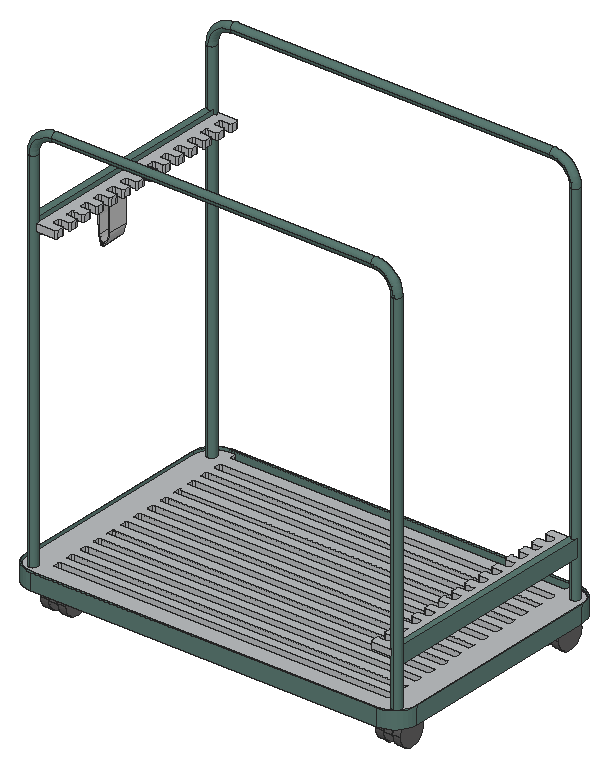
Revit family "okamura_MT30CA00_スプリント_ワゴン_ストックワゴン_700W×450D×790H", category 家具, Revit 2017
Family settings
  OmniClass 番号 = 23.40.20.00
  OmniClass タイトル = General Furniture and Specialties
  作業面に基づく = いいえ
  常に垂直 = はい
  ロード時にボイドで切り取り = いいえ
  共有 = いいえ
  部屋計算ポイント = いいえ
Parameters (values of type "ZH12（ダークグリーン）")
  製造元 = "株式会社オカムラ"
  製品名称 [instance] = "スプリント"  # constant formula
  製品仕様 [instance] = "ストックワゴン"  # constant formula
  製品コード/色仕様 = "MT30CA"  # constant formula
  製品コード [instance] = "MT30CA"  # constant formula
  製品カテゴリ = "クリエイティブファニチュア"  # constant formula
  色仕様名称 [instance] = "ダークグリーン"
  色仕様コード [instance] = "ZH12"
  本体 = okm_ZH12
  導入日 [instance] = ""
  区分 = "ワゴン"  # constant formula
  共通仕様 = ""
  備考 = ""
  シリアルNo [instance] = ""
  キーノート = "12490"
  キャスター = okm_G81
  アセンブリ コード = "E2020200"
  W = 700.0 mm
  URL = "http://www.okamura.co.jp/"
  Product_URL = ""
  ID [instance] = ""
  H = 790.0 mm
  D = 450.0 mm
  Copyright [instance] = "©2021.10 okamura Corp."  # constant formula
Reference planes
  plane 1 "中心(正面/背面)": y = 0
  plane 2: z = 0
  plane 3 "中心(左/右)": x = 0
  plane 4 "左": x = -350
  plane 5 "右": x = 350
  plane 6 "背面": y = 225
  plane 7 "正面": y = -225
  plane 8 "上": z = 790
Forms (mm)
  Extrusion 1, solid, material "okm_ZH12" <- "本体"
    sketch origin (0, 0, 0) x (1, 0, 0) y (0, 1, 0)
      loop
        arc (-310, 225) -> (-338.284, 213.284) -> (-350, 185) r 40
        line (-350, 185) -> (-350, -185)
        arc (-350, -185) -> (-338.284, -213.284) -> (-310, -225) r 40
        line (-310, -225) -> (310, -225)
        arc (310, -225) -> (338.284, -213.284) -> (350, -185) r 40
        line (350, -185) -> (350, 185)
        arc (350, 185) -> (338.284, 213.284) -> (310, 225) r 40
        line (310, 225) -> (-310, 225)
      loop
        line (310.4, 223.4) -> (-310.4, 223.4)
        arc (-310.4, 223.4) -> (-337.27, 212.27) -> (-348.4, 185.4) r 38
        line (-348.4, 185.4) -> (-348.4, -185.4)
        arc (-348.4, -185.4) -> (-337.27, -212.27) -> (-310.4, -223.4) r 38
        line (-310.4, -223.4) -> (310.4, -223.4)
        arc (310.4, -223.4) -> (337.27, -212.27) -> (348.4, -185.4) r 38
        line (348.4, -185.4) -> (348.4, 185.4)
        arc (348.4, 185.4) -> (337.27, 212.27) -> (310.4, 223.4) r 38
    from 55.5 to 85.5
  Extrusion 2, solid, material "okm_GLC"
    sketch origin (-3.95, 0, -519.233) x (1, 0, 0) y (0, 0, 1)
      loop
        arc (-350.357, 1041.938) -> (-349.076, 1034.571) -> (-346.76, 1027.461) r 52.496
        arc (-346.76, 1027.461) -> (-343.752, 1025.028) -> (-340.091, 1026.281) r 4
        arc (-340.091, 1026.281) -> (-332.986, 1037.329) -> (-329.844, 1050.084) r 40
        arc (-329.844, 1050.084) -> (-328.434, 1086.867) -> (-329.844, 1123.65) r 480.463
        arc (-329.844, 1123.65) -> (-329.897, 1129.812) -> (-329.115, 1135.925) r 45.375
        line (-329.115, 1135.925) -> (-328.05, 1139.9) -> (-328.05, 1144.233)
        arc (-328.05, 1144.233) -> (-330.026, 1143.538) -> (-331.642, 1142.206) r 6
        arc (-331.642, 1142.206) -> (-337.125, 1134.372) -> (-341.016, 1125.636) r 50
        arc (-341.016, 1125.636) -> (-350.142, 1084.284) -> (-350.357, 1041.938) r 200
      loop
        arc (-329.729, 1141.362) -> (-335.236, 1133.647) -> (-339.12, 1125.001) r 48
        arc (-339.12, 1125.001) -> (-348.155, 1084.063) -> (-348.368, 1042.14) r 198
        arc (-348.368, 1042.14) -> (-347.135, 1035.053) -> (-344.907, 1028.214) r 50.496
        arc (-344.907, 1028.214) -> (-343.403, 1026.998) -> (-341.573, 1027.624) r 2
        arc (-341.573, 1027.624) -> (-334.823, 1038.12) -> (-331.838, 1050.237) r 38
        arc (-331.838, 1050.237) -> (-330.434, 1086.867) -> (-331.838, 1123.497) r 478.463
        arc (-331.838, 1123.497) -> (-331.892, 1129.964) -> (-331.064, 1136.379) r 47.375
        line (-331.064, 1136.379) -> (-329.729, 1141.362)
    from 17.5 to -17.5
  Extrusion 3, solid, material "okm_G81" <- "キャスター"
    sketch origin (0, 0, 0) x (0, 1, 0) y (0, 0, 1)
      loop
        circle (-162, 25) r 25
      loop
        circle (192, 25) r 25
    from -291.25 to -277.25
  Extrusion 4, solid, material "okm_G81" <- "キャスター"
    sketch origin (0, 0, 0) x (0, 1, 0) y (0, 0, -1)
      loop
        circle (-162, -25) r 25
      loop
        circle (192, -25) r 25
    from 308.75 to 322.75
  Sweep 5, solid, material "okm_ZH12" <- "本体"
    path origin (0, -50, 0) x (1, 0, 0) y (0, 0, -1)
      loop
        line (326, -81.5) -> (326, -742.05)
        arc (326, -742.05) -> (314.284, -770.334) -> (286, -782.05) r 40
        line (286, -782.05) -> (-286, -782.05)
        arc (-286, -782.05) -> (-314.284, -770.334) -> (-326, -742.05) r 40
        line (-326, -742.05) -> (-326, -81.5)
    profile origin (-326, -50, 411.775) x (0, 1, 0) y (-1, 0, 0)
      loop
        circle (-150, 0) r 7.95
      loop
        circle (250, 0) r 7.95
  Extrusion 6, solid, material "okm_F4J"
    sketch origin (0, 0, 140) x (0, -1, 0) y (1, 0, 0)
      loop
        arc (-222.9, -309.9) -> (-211.77, -336.77) -> (-184.9, -347.9) r 38
        line (-184.9, -347.9) -> (184.9, -347.9)
        arc (184.9, -347.9) -> (211.77, -336.77) -> (222.9, -309.9) r 38
        line (222.9, -309.9) -> (222.9, 309.9)
        arc (222.9, 309.9) -> (211.77, 336.77) -> (184.9, 347.9) r 38
        line (184.9, 347.9) -> (-184.9, 347.9)
        arc (-184.9, 347.9) -> (-211.77, 336.77) -> (-222.9, 309.9) r 38
        line (-222.9, 309.9) -> (-222.9, 303.5)
        arc (-222.9, 303.5) -> (-222.021, 301.379) -> (-219.9, 300.5) r 3
        line (-219.9, 300.5) -> (-211.9, 300.5)
        arc (-211.9, 300.5) -> (-209.779, 299.621) -> (-208.9, 297.5) r 3
        line (-208.9, 297.5) -> (-208.9, -297.5)
        arc (-208.9, -297.5) -> (-209.779, -299.621) -> (-211.9, -300.5) r 3
        line (-211.9, -300.5) -> (-219.9, -300.5)
        arc (-219.9, -300.5) -> (-222.021, -301.379) -> (-222.9, -303.5) r 3
        line (-222.9, -303.5) -> (-222.9, -309.9)
      loop
        line (7, -298) -> (6.962, 298)
        arc (6.962, 298) -> (6.083, 300.121) -> (3.962, 301) r 3
        line (3.962, 301) -> (-4.036, 301)
        arc (-4.036, 301) -> (-6.158, 300.121) -> (-7.036, 298) r 3
        line (-7.036, 298) -> (-6.998, -298)
        arc (-6.998, -298) -> (-6.119, -300.122) -> (-3.998, -301) r 3
        line (-3.998, -301) -> (4, -301)
        arc (4, -301) -> (6.121, -300.121) -> (7, -298) r 3
      loop
        line (-97.036, 298) -> (-96.998, -298)
        arc (-96.998, -298) -> (-96.119, -300.122) -> (-93.998, -301) r 3
        line (-93.998, -301) -> (-86, -301)
        arc (-86, -301) -> (-83.879, -300.121) -> (-83, -298) r 3
        line (-83, -298) -> (-83.038, 298)
        arc (-83.038, 298) -> (-83.917, 300.121) -> (-86.038, 301) r 3
        line (-86.038, 301) -> (-94.036, 301)
        arc (-94.036, 301) -> (-96.158, 300.121) -> (-97.036, 298) r 3
      loop
        line (-113, -298) -> (-113.038, 298)
        arc (-113.038, 298) -> (-113.917, 300.121) -> (-116.038, 301) r 3
        line (-116.038, 301) -> (-124.036, 301)
        arc (-124.036, 301) -> (-126.158, 300.121) -> (-127.036, 298) r 3
        line (-127.036, 298) -> (-126.998, -298)
        arc (-126.998, -298) -> (-126.119, -300.122) -> (-123.998, -301) r 3
        line (-123.998, -301) -> (-116, -301)
        arc (-116, -301) -> (-113.879, -300.121) -> (-113, -298) r 3
      loop
        line (-143, -298) -> (-143.038, 298)
        arc (-143.038, 298) -> (-143.917, 300.121) -> (-146.038, 301) r 3
        line (-146.038, 301) -> (-154.036, 301)
        arc (-154.036, 301) -> (-156.158, 300.121) -> (-157.036, 298) r 3
        line (-157.036, 298) -> (-156.998, -298)
        arc (-156.998, -298) -> (-156.119, -300.122) -> (-153.998, -301) r 3
        line (-153.998, -301) -> (-146, -301)
        arc (-146, -301) -> (-143.879, -300.121) -> (-143, -298) r 3
      loop
        line (-173, -298) -> (-173.038, 298)
        arc (-173.038, 298) -> (-173.917, 300.121) -> (-176.038, 301) r 3
        line (-176.038, 301) -> (-184.036, 301)
        arc (-184.036, 301) -> (-186.158, 300.121) -> (-187.036, 298) r 3
        line (-187.036, 298) -> (-186.998, -298)
        arc (-186.998, -298) -> (-186.119, -300.122) -> (-183.998, -301) r 3
        line (-183.998, -301) -> (-176, -301)
        arc (-176, -301) -> (-173.879, -300.121) -> (-173, -298) r 3
      loop
        arc (-67, -298) -> (-66.121, -300.121) -> (-64, -301) r 3
        line (-64, -301) -> (-56.001, -301)
        arc (-56.001, -301) -> (-53.88, -300.122) -> (-53.001, -298) r 3
        line (-53.001, -298) -> (-52.963, 298)
        arc (-52.963, 298) -> (-53.841, 300.121) -> (-55.963, 301) r 3
        line (-55.963, 301) -> (-63.962, 301)
        arc (-63.962, 301) -> (-66.083, 300.121) -> (-66.962, 298) r 3
        line (-66.962, 298) -> (-67, -298)
      loop
        arc (-37, -298) -> (-36.121, -300.121) -> (-34, -301) r 3
        line (-34, -301) -> (-26.001, -301)
        arc (-26.001, -301) -> (-23.88, -300.122) -> (-23.001, -298) r 3
        line (-23.001, -298) -> (-22.963, 298)
        arc (-22.963, 298) -> (-23.841, 300.121) -> (-25.963, 301) r 3
        line (-25.963, 301) -> (-33.962, 301)
        arc (-33.962, 301) -> (-36.083, 300.121) -> (-36.962, 298) r 3
        line (-36.962, 298) -> (-37, -298)
      loop
        arc (97.036, 298) -> (96.158, 300.121) -> (94.036, 301) r 3
        line (94.036, 301) -> (86.038, 301)
        arc (86.038, 301) -> (83.917, 300.121) -> (83.038, 298) r 3
        line (83.038, 298) -> (83, -298)
        arc (83, -298) -> (83.879, -300.121) -> (86, -301) r 3
        line (86, -301) -> (93.998, -301)
        arc (93.998, -301) -> (96.119, -300.122) -> (96.998, -298) r 3
        line (96.998, -298) -> (97.036, 298)
      loop
        arc (113, -298) -> (113.879, -300.121) -> (116, -301) r 3
        line (116, -301) -> (123.998, -301)
        arc (123.998, -301) -> (126.119, -300.122) -> (126.998, -298) r 3
        line (126.998, -298) -> (127.036, 298)
        arc (127.036, 298) -> (126.158, 300.121) -> (124.036, 301) r 3
        line (124.036, 301) -> (116.038, 301)
        arc (116.038, 301) -> (113.917, 300.121) -> (113.038, 298) r 3
        line (113.038, 298) -> (113, -298)
      loop
        arc (143, -298) -> (143.879, -300.121) -> (146, -301) r 3
        line (146, -301) -> (153.998, -301)
        arc (153.998, -301) -> (156.119, -300.122) -> (156.998, -298) r 3
        line (156.998, -298) -> (157.036, 298)
        arc (157.036, 298) -> (156.158, 300.121) -> (154.036, 301) r 3
        line (154.036, 301) -> (146.038, 301)
        arc (146.038, 301) -> (143.917, 300.121) -> (143.038, 298) r 3
        line (143.038, 298) -> (143, -298)
      loop
        arc (173, -298) -> (173.879, -300.121) -> (176, -301) r 3
        line (176, -301) -> (183.998, -301)
        arc (183.998, -301) -> (186.119, -300.122) -> (186.998, -298) r 3
        line (186.998, -298) -> (187.036, 298)
        arc (187.036, 298) -> (186.158, 300.121) -> (184.036, 301) r 3
        line (184.036, 301) -> (176.038, 301)
        arc (176.038, 301) -> (173.917, 300.121) -> (173.038, 298) r 3
        line (173.038, 298) -> (173, -298)
      loop
        line (67, -298) -> (66.962, 298)
        arc (66.962, 298) -> (66.083, 300.121) -> (63.962, 301) r 3
        line (63.962, 301) -> (55.963, 301)
        arc (55.963, 301) -> (53.841, 300.121) -> (52.963, 298) r 3
        line (52.963, 298) -> (53.001, -298)
        arc (53.001, -298) -> (53.88, -300.122) -> (56.001, -301) r 3
        line (56.001, -301) -> (64, -301)
        arc (64, -301) -> (66.121, -300.121) -> (67, -298) r 3
      loop
        line (37, -298) -> (36.962, 298)
        arc (36.962, 298) -> (36.083, 300.121) -> (33.962, 301) r 3
        line (33.962, 301) -> (25.963, 301)
        arc (25.963, 301) -> (23.841, 300.121) -> (22.963, 298) r 3
        line (22.963, 298) -> (23.001, -298)
        arc (23.001, -298) -> (23.88, -300.122) -> (26.001, -301) r 3
        line (26.001, -301) -> (34, -301)
        arc (34, -301) -> (36.121, -300.121) -> (37, -298) r 3
    from -58.5 to -81.3
  Extrusion 7, solid, material "okm_ZH12" <- "本体"
    sketch origin (0, 0, 0) x (0, 1, 0) y (0, 0, 1)
      loop
        line (200, 150) -> (200, 180) -> (-200, 180) -> (-200, 150) -> (200, 150)
    from 320 to 332
  Extrusion 8, solid, material "okm_ZH12" <- "本体"
    sketch origin (0, 0, 0) x (0, 1, 0) y (0, 0, -1)
      loop
        line (200, -610) -> (-200, -610) -> (-200, -640) -> (200, -640) -> (200, -610)
    from 332 to 320
  Extrusion 9, solid, material "okm_G81" <- "キャスター"
    sketch origin (-582.5, 0, 0) x (0, 1, 0) y (0, 0, -1)
      loop
        line (-137, -24.972) -> (-187, -24.972)
        arc (-187, -24.972) -> (-162, -50) -> (-137, -24.972) r 25
      loop
        arc (167, -24.972) -> (192, -50) -> (217, -24.972) r 25
        line (217, -24.972) -> (167, -24.972)
    from -289.5 to -275.5
  Extrusion 10, solid, material "okm_G81" <- "キャスター"
    sketch origin (0, 0, 0) x (1, 0, 0) y (0, 1, 0)
      loop
        circle (-300, 177) r 8
      loop
        circle (300, 177) r 8
      loop
        circle (-300, -177) r 8
      loop
        circle (300, -177) r 8
    from 34.5 to 55.5
  Extrusion 11, solid, material "okm_G81" <- "キャスター"
    sketch origin (0, 0, 0) x (0, 1, 0) y (0, 0, -1)
      loop
        circle (-162, -25) r 25
      loop
        circle (192, -25) r 25
    from -291.25 to -277.25
  Extrusion 12, solid, material "okm_G81" <- "キャスター"
    sketch origin (0, 0, 0) x (0, 1, 0) y (0, 0, 1)
      loop
        circle (-162, 25) r 25
      loop
        circle (192, 25) r 25
    from 308.75 to 322.75
  Extrusion 13, solid, material "okm_G81" <- "キャスター"
    sketch origin (582.5, 0, 0) x (0, 1, 0) y (0, 0, 1)
      loop
        arc (-137, 24.972) -> (-162, 50) -> (-187, 24.972) r 25
        line (-187, 24.972) -> (-137, 24.972)
      loop
        line (167, 24.972) -> (217, 24.972)
        arc (217, 24.972) -> (192, 50) -> (167, 24.972) r 25
    from -289.5 to -275.5
  Extrusion 14, solid, material "okm_F4J"
    sketch origin (0, 0, 764.421) x (0, -1, 0) y (1, 0, 0)
      loop
        line (80.001, -281) -> (69.999, -281)
        arc (69.999, -281) -> (67.878, -281.879) -> (66.999, -284) r 3
        line (66.999, -284) -> (67, -298)
        arc (67, -298) -> (66.122, -300.121) -> (64, -301) r 3
        line (64, -301) -> (56.001, -301)
        arc (56.001, -301) -> (53.88, -300.121) -> (53.001, -298) r 3
        line (53.001, -298) -> (53, -284)
        arc (53, -284) -> (52.121, -281.879) -> (50, -281) r 3
        line (50, -281) -> (39.999, -281)
        arc (39.999, -281) -> (37.878, -281.879) -> (36.999, -284) r 3
        line (36.999, -284) -> (37, -298)
        arc (37, -298) -> (36.122, -300.121) -> (34, -301) r 3
        line (34, -301) -> (26.001, -301)
        arc (26.001, -301) -> (23.88, -300.121) -> (23.001, -298) r 3
        line (23.001, -298) -> (23, -284)
        arc (23, -284) -> (22.121, -281.879) -> (20, -281) r 3
        line (20, -281) -> (9.999, -281)
        arc (9.999, -281) -> (7.878, -281.879) -> (6.999, -284) r 3
        line (6.999, -284) -> (7, -298)
        arc (7, -298) -> (6.122, -300.121) -> (4, -301) r 3
        line (4, -301) -> (-3.998, -301)
        arc (-3.998, -301) -> (-6.119, -300.121) -> (-6.998, -298) r 3
        line (-6.998, -298) -> (-6.999, -284)
        arc (-6.999, -284) -> (-7.878, -281.879) -> (-9.999, -281) r 3
        line (-9.999, -281) -> (-20.001, -281)
        arc (-20.001, -281) -> (-22.122, -281.879) -> (-23.001, -284) r 3
        line (-23.001, -284) -> (-23, -298)
        arc (-23, -298) -> (-23.878, -300.121) -> (-26, -301) r 3
        line (-26, -301) -> (-33.999, -301)
        arc (-33.999, -301) -> (-36.12, -300.121) -> (-36.999, -298) r 3
        line (-36.999, -298) -> (-37, -284)
        arc (-37, -284) -> (-37.879, -281.878) -> (-40, -281) r 3
        line (-40, -281) -> (-50, -281)
        arc (-50, -281) -> (-52.121, -281.878) -> (-53, -284) r 3
        line (-53, -284) -> (-53.001, -298)
        arc (-53.001, -298) -> (-53.88, -300.121) -> (-56.001, -301) r 3
        line (-56.001, -301) -> (-64, -301)
        arc (-64, -301) -> (-66.121, -300.121) -> (-67, -298) r 3
        line (-67, -298) -> (-66.999, -284)
        arc (-66.999, -284) -> (-67.878, -281.879) -> (-69.999, -281) r 3
        line (-69.999, -281) -> (-80.001, -281)
        arc (-80.001, -281) -> (-82.122, -281.878) -> (-83.001, -284) r 3
        line (-83.001, -284) -> (-83.002, -298)
        arc (-83.002, -298) -> (-83.88, -300.121) -> (-86.002, -301) r 3
        line (-86.002, -301) -> (-94, -301)
        arc (-94, -301) -> (-96.121, -300.121) -> (-97, -298) r 3
        line (-97, -298) -> (-96.999, -284)
        arc (-96.999, -284) -> (-97.878, -281.879) -> (-99.999, -281) r 3
        line (-99.999, -281) -> (-110, -281)
        arc (-110, -281) -> (-112.121, -281.878) -> (-113, -284) r 3
        line (-113, -284) -> (-113.001, -298)
        arc (-113.001, -298) -> (-113.88, -300.121) -> (-116.001, -301) r 3
        line (-116.001, -301) -> (-124, -301)
        arc (-124, -301) -> (-126.121, -300.121) -> (-127, -298) r 3
        line (-127, -298) -> (-126.999, -284)
        arc (-126.999, -284) -> (-127.878, -281.879) -> (-129.999, -281) r 3
        line (-129.999, -281) -> (-140, -281)
        arc (-140, -281) -> (-142.121, -281.878) -> (-143, -284) r 3
        line (-143, -284) -> (-143.001, -298)
        arc (-143.001, -298) -> (-143.88, -300.121) -> (-146.001, -301) r 3
        line (-146.001, -301) -> (-154, -301)
        arc (-154, -301) -> (-156.121, -300.121) -> (-157, -298) r 3
        line (-157, -298) -> (-156.999, -284)
        arc (-156.999, -284) -> (-157.878, -281.879) -> (-159.999, -281) r 3
        line (-159.999, -281) -> (-170.001, -281)
        arc (-170.001, -281) -> (-172.122, -281.879) -> (-173.001, -284) r 3
        line (-173.001, -284) -> (-173, -298)
        arc (-173, -298) -> (-173.878, -300.121) -> (-176, -301) r 3
        line (-176, -301) -> (-183.999, -301)
        arc (-183.999, -301) -> (-186.12, -300.121) -> (-186.999, -298) r 3
        line (-186.999, -298) -> (-187, -284)
        arc (-187, -284) -> (-187.879, -281.878) -> (-190, -281) r 3
        line (-190, -281) -> (-200.001, -281)
        arc (-200.001, -281) -> (-202.122, -281.879) -> (-203.001, -284) r 3
        line (-203.001, -284) -> (-202.998, -320) -> (203, -320) -> (203, -284)
        arc (203, -284) -> (202.121, -281.879) -> (200, -281) r 3
        line (200, -281) -> (190, -281)
        arc (190, -281) -> (187.879, -281.879) -> (187, -284) r 3
        line (187, -284) -> (186.999, -298)
        arc (186.999, -298) -> (186.12, -300.121) -> (183.999, -301) r 3
        line (183.999, -301) -> (176, -301)
        arc (176, -301) -> (173.879, -300.121) -> (173, -298) r 3
        line (173, -298) -> (173.001, -284)
        arc (173.001, -284) -> (172.122, -281.879) -> (170.001, -281) r 3
        line (170.001, -281) -> (160, -281)
        arc (160, -281) -> (157.879, -281.879) -> (157, -284) r 3
        line (157, -284) -> (156.999, -298)
        arc (156.999, -298) -> (156.12, -300.121) -> (153.999, -301) r 3
        line (153.999, -301) -> (146, -301)
        arc (146, -301) -> (143.879, -300.121) -> (143, -298) r 3
        line (143, -298) -> (143.001, -284)
        arc (143.001, -284) -> (142.122, -281.879) -> (140.001, -281) r 3
        line (140.001, -281) -> (130, -281)
        arc (130, -281) -> (127.879, -281.879) -> (127, -284) r 3
        line (127, -284) -> (126.999, -298)
        arc (126.999, -298) -> (126.12, -300.121) -> (123.999, -301) r 3
        line (123.999, -301) -> (116, -301)
        arc (116, -301) -> (113.879, -300.121) -> (113, -298) r 3
        line (113, -298) -> (113.001, -284)
        arc (113.001, -284) -> (112.122, -281.879) -> (110.001, -281) r 3
        line (110.001, -281) -> (100, -281)
        arc (100, -281) -> (97.879, -281.879) -> (97, -284) r 3
        line (97, -284) -> (96.999, -298)
        arc (96.999, -298) -> (96.12, -300.121) -> (93.999, -301) r 3
        line (93.999, -301) -> (86, -301)
        arc (86, -301) -> (83.879, -300.121) -> (83, -298) r 3
        line (83, -298) -> (83.001, -284)
        arc (83.001, -284) -> (82.122, -281.879) -> (80.001, -281) r 3
    from -131.421 to -143.421
  Extrusion 15, solid, material "okm_F4J"
    sketch origin (0, 0, 0) x (-1, 0, 0) y (0, -1, 0)
      loop
        arc (-281, 80.001) -> (-281.879, 82.122) -> (-284, 83.001) r 3
        line (-284, 83.001) -> (-298, 83)
        arc (-298, 83) -> (-300.121, 83.879) -> (-301, 86) r 3
        line (-301, 86) -> (-301, 94)
        arc (-301, 94) -> (-300.121, 96.121) -> (-298, 97) r 3
        line (-298, 97) -> (-284, 97.001)
        arc (-284, 97.001) -> (-281.879, 97.88) -> (-281, 100.001) r 3
        line (-281, 100.001) -> (-281, 110.001)
        arc (-281, 110.001) -> (-281.879, 112.122) -> (-284, 113.001) r 3
        line (-284, 113.001) -> (-298, 113)
        arc (-298, 113) -> (-300.121, 113.879) -> (-301, 116) r 3
        line (-301, 116) -> (-301, 124)
        arc (-301, 124) -> (-300.121, 126.121) -> (-298, 127) r 3
        line (-298, 127) -> (-284, 127.001)
        arc (-284, 127.001) -> (-281.879, 127.88) -> (-281, 130.001) r 3
        line (-281, 130.001) -> (-281, 140.001)
        arc (-281, 140.001) -> (-281.879, 142.122) -> (-284, 143.001) r 3
        line (-284, 143.001) -> (-298, 143)
        arc (-298, 143) -> (-300.121, 143.879) -> (-301, 146) r 3
        line (-301, 146) -> (-301, 154)
        arc (-301, 154) -> (-300.121, 156.121) -> (-298, 157) r 3
        line (-298, 157) -> (-284, 157.001)
        arc (-284, 157.001) -> (-281.879, 157.88) -> (-281, 160.001) r 3
        line (-281, 160.001) -> (-281, 170.001)
        arc (-281, 170.001) -> (-281.879, 172.122) -> (-284, 173.001) r 3
        line (-284, 173.001) -> (-298, 173)
        arc (-298, 173) -> (-300.121, 173.879) -> (-301, 176) r 3
        line (-301, 176) -> (-301, 184)
        arc (-301, 184) -> (-300.121, 186.121) -> (-298, 187) r 3
        line (-298, 187) -> (-284, 187.001)
        arc (-284, 187.001) -> (-281.879, 187.88) -> (-281, 190.001) r 3
        line (-281, 190.001) -> (-281, 200)
        arc (-281, 200) -> (-281.879, 202.121) -> (-284, 203) r 3
        line (-284, 203) -> (-320, 203) -> (-320, -202.997) -> (-284, -202.999)
        arc (-284, -202.999) -> (-281.879, -202.12) -> (-281, -199.999) r 3
        line (-281, -199.999) -> (-281, -190)
        arc (-281, -190) -> (-281.879, -187.879) -> (-284, -187) r 3
        line (-284, -187) -> (-298, -186.999)
        arc (-298, -186.999) -> (-300.121, -186.12) -> (-301, -183.999) r 3
        line (-301, -183.999) -> (-301, -175.999)
        arc (-301, -175.999) -> (-300.121, -173.878) -> (-298, -172.999) r 3
        line (-298, -172.999) -> (-284, -173)
        arc (-284, -173) -> (-281.879, -172.121) -> (-281, -170) r 3
        line (-281, -170) -> (-281, -159.999)
        arc (-281, -159.999) -> (-281.879, -157.878) -> (-284, -156.999) r 3
        line (-284, -156.999) -> (-298, -157)
        arc (-298, -157) -> (-300.121, -156.121) -> (-301, -154) r 3
        line (-301, -154) -> (-301, -146)
        arc (-301, -146) -> (-300.121, -143.879) -> (-298, -143) r 3
        line (-298, -143) -> (-284, -142.999)
        arc (-284, -142.999) -> (-281.879, -142.12) -> (-281, -139.999) r 3
        line (-281, -139.999) -> (-281, -129.999)
        arc (-281, -129.999) -> (-281.879, -127.878) -> (-284, -126.999) r 3
        line (-284, -126.999) -> (-298, -127)
        arc (-298, -127) -> (-300.121, -126.121) -> (-301, -124) r 3
        line (-301, -124) -> (-301, -116)
        arc (-301, -116) -> (-300.121, -113.879) -> (-298, -113) r 3
        line (-298, -113) -> (-284, -112.999)
        arc (-284, -112.999) -> (-281.879, -112.12) -> (-281, -109.999) r 3
        line (-281, -109.999) -> (-281, -99.999)
        arc (-281, -99.999) -> (-281.879, -97.878) -> (-284, -96.999) r 3
        line (-284, -96.999) -> (-298, -97)
        arc (-298, -97) -> (-300.121, -96.121) -> (-301, -94) r 3
        line (-301, -94) -> (-301, -86)
        arc (-301, -86) -> (-300.121, -83.879) -> (-298, -83) r 3
        line (-298, -83) -> (-284, -82.999)
        arc (-284, -82.999) -> (-281.879, -82.12) -> (-281, -79.999) r 3
        line (-281, -79.999) -> (-281, -69.999)
        arc (-281, -69.999) -> (-281.879, -67.878) -> (-284, -66.999) r 3
        line (-284, -66.999) -> (-298, -67)
        arc (-298, -67) -> (-300.121, -66.121) -> (-301, -64) r 3
        line (-301, -64) -> (-301, -56)
        arc (-301, -56) -> (-300.121, -53.879) -> (-298, -53) r 3
        line (-298, -53) -> (-284, -52.999)
        arc (-284, -52.999) -> (-281.879, -52.12) -> (-281, -49.999) r 3
        line (-281, -49.999) -> (-281, -40)
        arc (-281, -40) -> (-281.879, -37.879) -> (-284, -37) r 3
        line (-284, -37) -> (-298, -36.999)
        arc (-298, -36.999) -> (-300.121, -36.12) -> (-301, -33.999) r 3
        line (-301, -33.999) -> (-301, -25.999)
        arc (-301, -25.999) -> (-300.121, -23.878) -> (-298, -22.999) r 3
        line (-298, -22.999) -> (-284, -23)
        arc (-284, -23) -> (-281.879, -22.121) -> (-281, -20) r 3
        line (-281, -20) -> (-281, -10)
        arc (-281, -10) -> (-281.879, -7.879) -> (-284, -7) r 3
        line (-284, -7) -> (-298, -6.999)
        arc (-298, -6.999) -> (-300.121, -6.12) -> (-301, -3.999) r 3
        line (-301, -3.999) -> (-301, 4.001)
        arc (-301, 4.001) -> (-300.121, 6.122) -> (-298, 7.001) r 3
        line (-298, 7.001) -> (-284, 7)
        arc (-284, 7) -> (-281.879, 7.879) -> (-281, 10) r 3
        line (-281, 10) -> (-281, 20)
        arc (-281, 20) -> (-281.879, 22.121) -> (-284, 23) r 3
        line (-284, 23) -> (-298, 23.001)
        arc (-298, 23.001) -> (-300.121, 23.88) -> (-301, 26.001) r 3
        line (-301, 26.001) -> (-301, 34.001)
        arc (-301, 34.001) -> (-300.121, 36.122) -> (-298, 37.001) r 3
        line (-298, 37.001) -> (-284, 37)
        arc (-284, 37) -> (-281.879, 37.879) -> (-281, 40) r 3
        line (-281, 40) -> (-281, 50)
        arc (-281, 50) -> (-281.879, 52.121) -> (-284, 53) r 3
        line (-284, 53) -> (-298, 53.001)
        arc (-298, 53.001) -> (-300.121, 53.88) -> (-301, 56.001) r 3
        line (-301, 56.001) -> (-301, 64.001)
        arc (-301, 64.001) -> (-300.121, 66.122) -> (-298, 67.001) r 3
        line (-298, 67.001) -> (-284, 67)
        arc (-284, 67) -> (-281.879, 67.879) -> (-281, 70) r 3
        line (-281, 70) -> (-281, 80.001)
    from 161 to 173
  Extrusion 16, solid, material "okm_F4J"
    sketch origin (0, 0, -22.6) x (1, 0, 0) y (0, 1, 0)
      loop
        arc (-347.9, -184.9) -> (-336.77, -211.77) -> (-309.9, -222.9) r 38
        line (-309.9, -222.9) -> (309.9, -222.9)
        arc (309.9, -222.9) -> (336.77, -211.77) -> (347.9, -184.9) r 38
        line (347.9, -184.9) -> (347.9, 184.9)
        arc (347.9, 184.9) -> (336.77, 211.77) -> (309.9, 222.9) r 38
        line (309.9, 222.9) -> (-309.9, 222.9)
        arc (-309.9, 222.9) -> (-336.77, 211.77) -> (-347.9, 184.9) r 38
        line (-347.9, 184.9) -> (-347.9, -184.9)
    from 79.7 to 81.3
Cuts and joins
  joined: Extrusion 6, Extrusion 16
  joined: Extrusion 3, Extrusion 4, Extrusion 9, Extrusion 10, Extrusion 11, Extrusion 12, Extrusion 13
Lines and regions (mm)
  Masking region 1
    outline origin (0, 0, 0) x (1, 0, 0) y (0, 1, 0)
      loop
        line (310, 225) -> (-310, 225)
        arc (-310, 225) -> (-338.284, 213.284) -> (-350, 185) r 40
        line (-350, 185) -> (-350, -185)
        arc (-350, -185) -> (-338.284, -213.284) -> (-310, -225) r 40
        line (-310, -225) -> (310, -225)
        arc (310, -225) -> (338.284, -213.284) -> (350, -185) r 40
        line (350, -185) -> (350, 185)
        arc (350, 185) -> (338.284, 213.284) -> (310, 225) r 40
  symbolic lines, style "okm_簡略", detail levels coarse
    curve 1: line (310, 225, 0) -> (-310, 225, 0)
    curve 2: arc (-310, 225, 0) -> (-338.284, 213.284, 0) -> (-350, 185, 0) r 40
    curve 3: line (-350, 185, 0) -> (-350, -185, 0)
    curve 4: arc (350, 185, 0) -> (338.284, 213.284, 0) -> (310, 225, 0) r 40
    curve 31: line (310, -225, 0) -> (-310, -225, 0)
    curve 32: arc (-310, -225, 0) -> (-338.284, -213.284, 0) -> (-350, -185, 0) r 40
    curve 33: arc (350, -185, 0) -> (338.284, -213.284, 0) -> (310, -225, 0) r 40
    curve 37: line (350, 185, 0) -> (350, -185, 0)
    curve 51: line (-301, -83.002, 0) -> (301, -83.002, 0)
    curve 52: line (-301, -96.989, 0) -> (-301, -83.002, 0)
    curve 53: line (301, -96.989, 0) -> (-301, -96.989, 0)
    curve 54: line (301, -83.002, 0) -> (301, -96.989, 0)
    curve 55: line (301, -112.989, 0) -> (-301, -112.989, 0)
    curve 56: line (301, -127.002, 0) -> (301, -112.989, 0)
    curve 57: line (-301, -127.002, 0) -> (301, -127.002, 0)
    curve 58: line (-301, -112.989, 0) -> (-301, -127.002, 0)
    curve 59: line (-301, -143.002, 0) -> (301, -143.002, 0)
    curve 60: line (-301, -156.989, 0) -> (-301, -143.002, 0)
    curve 61: line (301, -156.989, 0) -> (-301, -156.989, 0)
    curve 62: line (301, -143.002, 0) -> (301, -156.989, 0)
    curve 63: line (301, -172.989, 0) -> (-301, -172.989, 0)
    curve 64: line (301, -187.002, 0) -> (301, -172.989, 0)
    curve 65: line (-301, -187.002, 0) -> (301, -187.002, 0)
    curve 66: line (-301, -172.989, 0) -> (-301, -187.002, 0)
    curve 67: line (-281, -66.998, 0) -> (-281, -83.002, 0)
    curve 68: line (-281, -96.989, 0) -> (-281, -112.989, 0)
    curve 69: line (-281, -127.002, 0) -> (-281, -143.002, 0)
    curve 70: line (-281, -156.989, 0) -> (-281, -172.989, 0)
    curve 71: line (-281, -187.002, 0) -> (-281, -192.05, 0)
    curve 72: line (281, -66.998, 0) -> (281, -83.002, 0)
    curve 73: line (281, -96.989, 0) -> (281, -112.989, 0)
    curve 74: line (281, -127.002, 0) -> (281, -143.002, 0)
    curve 75: line (281, -156.989, 0) -> (281, -172.989, 0)
    curve 76: line (281, -187.002, 0) -> (281, -192.05, 0)
    curve 77: line (326, -192.05, 0) -> (-326, -192.05, 0)
    curve 78: line (-326, -207.95, 0) -> (326, -207.95, 0)
    curve 79: line (320, 192.05, 0) -> (320, -192.05, 0)
    curve 80: line (332, -194.784, 0) -> (332, 194.784, 0)
    curve 81: line (-332, 194.784, 0) -> (-332, -194.784, 0)
    curve 82: line (-320, -192.05, 0) -> (-320, 192.05, 0)
    curve 83: arc (-326, -192.05, 0) -> (-333.95, -200, 0) -> (-326, -207.95, 0) r 7.95
    curve 84: arc (326, -192.05, 0) -> (333.95, -200, 0) -> (326, -207.95, 0) r 7.95
    curve 89: line (326, 192.05, 0) -> (-326, 192.05, 0)
    curve 90: line (-326, 207.95, 0) -> (326, 207.95, 0)
    curve 91: arc (-326, 192.05, 0) -> (-333.95, 200, 0) -> (-326, 207.95, 0) r 7.95
    curve 92: arc (326, 192.05, 0) -> (333.95, 200, 0) -> (326, 207.95, 0) r 7.95
    curve 115: line (-301, -66.998, 0) -> (301, -66.998, 0)
    curve 116: line (-301, -53.011, 0) -> (-301, -66.998, 0)
    curve 117: line (301, -53.011, 0) -> (-301, -53.011, 0)
    curve 118: line (301, -66.998, 0) -> (301, -53.011, 0)
    curve 119: line (301, -37.011, 0) -> (-301, -37.011, 0)
    curve 120: line (301, -22.998, 0) -> (301, -37.011, 0)
    curve 121: line (-301, -22.998, 0) -> (301, -22.998, 0)
    curve 122: line (-301, -37.011, 0) -> (-301, -22.998, 0)
    curve 123: line (-301, -6.998, 0) -> (301, -6.998, 0)
    curve 124: line (-301, 6.989, 0) -> (-301, -6.998, 0)
    curve 125: line (301, 6.989, 0) -> (-301, 6.989, 0)
    curve 126: line (301, -6.998, 0) -> (301, 6.989, 0)
    curve 127: line (301, 22.989, 0) -> (-301, 22.989, 0)
    curve 128: line (301, 37.002, 0) -> (301, 22.989, 0)
    curve 129: line (-301, 37.002, 0) -> (301, 37.002, 0)
    curve 130: line (-301, 22.989, 0) -> (-301, 37.002, 0)
    curve 131: line (-281, -53.011, 0) -> (-281, -37.011, 0)
    curve 132: line (-281, -22.998, 0) -> (-281, -6.998, 0)
    curve 133: line (-281, 6.989, 0) -> (-281, 22.989, 0)
    curve 134: line (281, -53.011, 0) -> (281, -37.011, 0)
    curve 135: line (281, -22.998, 0) -> (281, -6.998, 0)
    curve 136: line (281, 6.989, 0) -> (281, 22.989, 0)
    curve 163: line (-301, 83.002, 0) -> (301, 83.002, 0)
    curve 164: line (-301, 96.989, 0) -> (-301, 83.002, 0)
    curve 165: line (301, 96.989, 0) -> (-301, 96.989, 0)
    curve 166: line (301, 83.002, 0) -> (301, 96.989, 0)
    curve 167: line (301, 112.989, 0) -> (-301, 112.989, 0)
    curve 168: line (301, 127.002, 0) -> (301, 112.989, 0)
    curve 169: line (-301, 127.002, 0) -> (301, 127.002, 0)
    curve 170: line (-301, 112.989, 0) -> (-301, 127.002, 0)
    curve 171: line (-301, 143.002, 0) -> (301, 143.002, 0)
    curve 172: line (-301, 156.989, 0) -> (-301, 143.002, 0)
    curve 173: line (301, 156.989, 0) -> (-301, 156.989, 0)
    curve 174: line (301, 143.002, 0) -> (301, 156.989, 0)
    curve 175: line (301, 172.989, 0) -> (-301, 172.989, 0)
    curve 176: line (301, 187.002, 0) -> (301, 172.989, 0)
    curve 177: line (-301, 187.002, 0) -> (301, 187.002, 0)
    curve 178: line (-301, 172.989, 0) -> (-301, 187.002, 0)
    curve 179: line (-281, 66.998, 0) -> (-281, 83.002, 0)
    curve 180: line (-281, 96.989, 0) -> (-281, 112.989, 0)
    curve 181: line (-281, 127.002, 0) -> (-281, 143.002, 0)
    curve 182: line (-281, 156.989, 0) -> (-281, 172.989, 0)
    curve 183: line (-281, 187.002, 0) -> (-281, 192.05, 0)
    curve 184: line (281, 66.998, 0) -> (281, 83.002, 0)
    curve 185: line (281, 96.989, 0) -> (281, 112.989, 0)
    curve 186: line (281, 127.002, 0) -> (281, 143.002, 0)
    curve 187: line (281, 156.989, 0) -> (281, 172.989, 0)
    curve 188: line (281, 187.002, 0) -> (281, 192.05, 0)
    curve 195: line (-301, 66.998, 0) -> (301, 66.998, 0)
    curve 196: line (-301, 53.011, 0) -> (-301, 66.998, 0)
    curve 197: line (301, 53.011, 0) -> (-301, 53.011, 0)
    curve 198: line (301, 66.998, 0) -> (301, 53.011, 0)
    curve 199: line (-281, 53.011, 0) -> (-281, 37.002, 0)
    curve 200: line (281, 53.011, 0) -> (281, 37.002, 0)
  symbolic lines, style "okm_標準・詳細", detail levels medium+fine
    curve 5: line (-350, 185, 0) -> (-350, -185, 0)
    curve 6: arc (-310, 225, 0) -> (-338.284, 213.284, 0) -> (-350, 185, 0) r 40
    curve 7: line (310, 225, 0) -> (-310, 225, 0)
    curve 8: arc (350, 185, 0) -> (338.284, 213.284, 0) -> (310, 225, 0) r 40
    curve 9: arc (-326, -192.05, 0) -> (-333.95, -200, 0) -> (-326, -207.95, 0) r 7.95
    curve 10: line (-332, 194.784, 0) -> (-332, -194.784, 0)
    curve 11: line (-320, -192.05, 0) -> (-320, 192.05, 0)
    curve 12: line (-301, -83.002, 0) -> (301, -83.002, 0)
    curve 13: line (301, -96.989, 0) -> (-301, -96.989, 0)
    curve 14: line (-301, -112.989, 0) -> (301, -112.989, 0)
    curve 15: line (301, -127.002, 0) -> (-301, -127.002, 0)
    curve 16: line (-301, -143.002, 0) -> (301, -143.002, 0)
    curve 17: line (301, -156.989, 0) -> (-301, -156.989, 0)
    curve 18: line (-301, -172.989, 0) -> (301, -172.989, 0)
    curve 19: line (301, -187.002, 0) -> (-301, -187.002, 0)
    curve 20: line (-301, -187.002, 0) -> (-301, -172.989, 0)
    curve 21: line (-301, -156.989, 0) -> (-301, -143.002, 0)
    curve 22: line (-301, -127.002, 0) -> (-301, -112.989, 0)
    curve 23: line (-301, -96.989, 0) -> (-301, -83.002, 0)
    curve 24: line (-281, -112.989, 0) -> (-281, -96.989, 0)
    curve 25: line (-281, -83.002, 0) -> (-281, -66.998, 0)
    curve 26: line (-281, -143.002, 0) -> (-281, -127.002, 0)
    curve 27: line (-281, -172.989, 0) -> (-281, -156.989, 0)
    curve 28: line (-281, -192.05, 0) -> (-281, -187.002, 0)
    curve 29: line (-326, -192.05, 0) -> (326, -192.05, 0)
    curve 30: line (-326, -207.95, 0) -> (326, -207.95, 0)
    curve 34: arc (-310, -225, 0) -> (-338.284, -213.284, 0) -> (-350, -185, 0) r 40
    curve 35: line (310, -225, 0) -> (-310, -225, 0)
    curve 36: arc (350, -185, 0) -> (338.284, -213.284, 0) -> (310, -225, 0) r 40
    curve 38: line (350, 185, 0) -> (350, -185, 0)
    curve 39: arc (326, -192.05, 0) -> (333.95, -200, 0) -> (326, -207.95, 0) r 7.95
    curve 40: line (332, 194.784, 0) -> (332, -194.784, 0)
    curve 41: line (320, -192.05, 0) -> (320, 192.05, 0)
    curve 42: line (301, -187.002, 0) -> (301, -172.989, 0)
    curve 43: line (301, -156.989, 0) -> (301, -143.002, 0)
    curve 44: line (301, -127.002, 0) -> (301, -112.989, 0)
    curve 45: line (301, -96.989, 0) -> (301, -83.002, 0)
    curve 46: line (281, -112.989, 0) -> (281, -96.989, 0)
    curve 47: line (281, -83.002, 0) -> (281, -66.998, 0)
    curve 48: line (281, -143.002, 0) -> (281, -127.002, 0)
    curve 49: line (281, -172.989, 0) -> (281, -156.989, 0)
    curve 50: line (281, -192.05, 0) -> (281, -187.002, 0)
    curve 85: arc (-326, 192.05, 0) -> (-333.95, 200, 0) -> (-326, 207.95, 0) r 7.95
    curve 86: line (-326, 192.05, 0) -> (326, 192.05, 0)
    curve 87: line (-326, 207.95, 0) -> (326, 207.95, 0)
    curve 88: arc (326, 192.05, 0) -> (333.95, 200, 0) -> (326, 207.95, 0) r 7.95
    curve 93: line (-301, -66.998, 0) -> (301, -66.998, 0)
    curve 94: line (301, -53.011, 0) -> (-301, -53.011, 0)
    curve 95: line (-301, -37.011, 0) -> (301, -37.011, 0)
    curve 96: line (301, -22.998, 0) -> (-301, -22.998, 0)
    curve 97: line (-301, -6.998, 0) -> (301, -6.998, 0)
    curve 98: line (301, 6.989, 0) -> (-301, 6.989, 0)
    curve 99: line (-301, 22.989, 0) -> (301, 22.989, 0)
    curve 100: line (301, 37.002, 0) -> (-301, 37.002, 0)
    curve 101: line (-301, 37.002, 0) -> (-301, 22.989, 0)
    curve 102: line (-301, 6.989, 0) -> (-301, -6.998, 0)
    curve 103: line (-301, -22.998, 0) -> (-301, -37.011, 0)
    curve 104: line (-301, -53.011, 0) -> (-301, -66.998, 0)
    curve 105: line (-281, -37.011, 0) -> (-281, -53.011, 0)
    curve 106: line (-281, -6.998, 0) -> (-281, -22.998, 0)
    curve 107: line (-281, 22.989, 0) -> (-281, 6.989, 0)
    curve 108: line (301, 37.002, 0) -> (301, 22.989, 0)
    curve 109: line (301, 6.989, 0) -> (301, -6.998, 0)
    curve 110: line (301, -22.998, 0) -> (301, -37.011, 0)
    curve 111: line (301, -53.011, 0) -> (301, -66.998, 0)
    curve 112: line (281, -37.011, 0) -> (281, -53.011, 0)
    curve 113: line (281, -6.998, 0) -> (281, -22.998, 0)
    curve 114: line (281, 22.989, 0) -> (281, 6.989, 0)
    curve 137: line (-301, 83.002, 0) -> (301, 83.002, 0)
    curve 138: line (301, 96.989, 0) -> (-301, 96.989, 0)
    curve 139: line (-301, 112.989, 0) -> (301, 112.989, 0)
    curve 140: line (301, 127.002, 0) -> (-301, 127.002, 0)
    curve 141: line (-301, 143.002, 0) -> (301, 143.002, 0)
    curve 142: line (301, 156.989, 0) -> (-301, 156.989, 0)
    curve 143: line (-301, 172.989, 0) -> (301, 172.989, 0)
    curve 144: line (301, 187.002, 0) -> (-301, 187.002, 0)
    curve 145: line (-301, 187.002, 0) -> (-301, 172.989, 0)
    curve 146: line (-301, 156.989, 0) -> (-301, 143.002, 0)
    curve 147: line (-301, 127.002, 0) -> (-301, 112.989, 0)
    curve 148: line (-301, 96.989, 0) -> (-301, 83.002, 0)
    curve 149: line (-281, 112.989, 0) -> (-281, 96.989, 0)
    curve 150: line (-281, 83.002, 0) -> (-281, 66.998, 0)
    curve 151: line (-281, 143.002, 0) -> (-281, 127.002, 0)
    curve 152: line (-281, 172.989, 0) -> (-281, 156.989, 0)
    curve 153: line (-281, 192.05, 0) -> (-281, 187.002, 0)
    curve 154: line (301, 187.002, 0) -> (301, 172.989, 0)
    curve 155: line (301, 156.989, 0) -> (301, 143.002, 0)
    curve 156: line (301, 127.002, 0) -> (301, 112.989, 0)
    curve 157: line (301, 96.989, 0) -> (301, 83.002, 0)
    curve 158: line (281, 112.989, 0) -> (281, 96.989, 0)
    curve 159: line (281, 83.002, 0) -> (281, 66.998, 0)
    curve 160: line (281, 143.002, 0) -> (281, 127.002, 0)
    curve 161: line (281, 172.989, 0) -> (281, 156.989, 0)
    curve 162: line (281, 192.05, 0) -> (281, 187.002, 0)
    curve 189: line (-301, 66.998, 0) -> (301, 66.998, 0)
    curve 190: line (301, 53.011, 0) -> (-301, 53.011, 0)
    curve 191: line (-301, 53.011, 0) -> (-301, 66.998, 0)
    curve 192: line (-281, 37.002, 0) -> (-281, 53.011, 0)
    curve 193: line (301, 53.011, 0) -> (301, 66.998, 0)
    curve 194: line (281, 37.002, 0) -> (281, 53.011, 0)
Dimensions and locks
  equal spacing: plane 4 "左", plane 3 "中心(左/右)", plane 5 "右"
  "W": plane 4 "左" to plane 5 "右"
  equal spacing: plane 7 "正面", plane 1 "中心(正面/背面)", plane 6 "背面"
  "D": plane 7 "正面" to plane 6 "背面"
  "H": plane 8 "上" to level
  aligned and locked: level to plane 2
Automatic sketch dimensions
  Extrusion 1 sketch curve to plane 4 "左" = 0.0 mm
  plane 7 "正面" to Extrusion 1 sketch curve = 0.0 mm
  plane 6 "背面" to Extrusion 1 sketch curve = 0.0 mm
  Extrusion 1 sketch curve to plane 5 "右" = 0.0 mm
  plane 4 "左" to Extrusion 1 sketch curve = 1.6 mm
  Extrusion 1 sketch curve to Extrusion 1 sketch curve = 38.0 mm  (x2)
  Extrusion 1 sketch curve to Extrusion 1 sketch curve = 0.4 mm  (x5)
  Extrusion 1 sketch curve to Extrusion 1 sketch curve = 40.0 mm
  Extrusion 1 sketch curve to plane 5 "右" = 40.0 mm
  Extrusion 1 sketch curve to plane 5 "右" = 1.6 mm
  Extrusion 1 sketch curve to plane 7 "正面" = 1.6 mm
  Extrusion 2 sketch curve to Extrusion 2 sketch curve = 0.0 mm  (x23)
  Extrusion 2 sketch curve to plane 8 "上" = 222.366 mm
  Extrusion 2 sketch curve to plane 4 "左" = 462.847 mm
  Extrusion 2 sketch curve to plane 4 "左" = 23.676 mm
  plane 4 "左" to Extrusion 2 sketch curve = 2.995 mm
  plane 4 "左" to Extrusion 2 sketch curve = 14.986 mm
  Extrusion 2 sketch curve to Extrusion 2 sketch curve = 1.335 mm
  Extrusion 2 sketch curve to Extrusion 2 sketch curve = 1.949 mm
  Extrusion 2 sketch curve to Extrusion 2 sketch curve = 1.679 mm
  Extrusion 2 sketch curve to Extrusion 2 sketch curve = 0.972 mm
  Extrusion 2 sketch curve to Extrusion 2 sketch curve = 44.926 mm
  Extrusion 2 sketch curve to Extrusion 2 sketch curve = 33.472 mm
  Extrusion 2 sketch curve to Extrusion 2 sketch curve = 9.004 mm
  Extrusion 2 sketch curve to plane 3 "中心(左/右)" = 155.326 mm
  Extrusion 2 sketch curve to plane 8 "上" = 247.132 mm
  Extrusion 2 sketch curve to plane 8 "上" = 256.087 mm
  Extrusion 2 sketch curve to Extrusion 2 sketch curve = 5.916 mm
  Extrusion 2 sketch curve to Extrusion 2 sketch curve = 24.179 mm
  Extrusion 2 sketch curve to Extrusion 2 sketch curve = 62.522 mm
  Extrusion 2 sketch curve to Extrusion 2 sketch curve = 17.371 mm
  Extrusion 2 sketch curve to Extrusion 2 sketch curve = 26.172 mm
  Extrusion 2 sketch curve to Extrusion 2 sketch curve = 0.454 mm
  Extrusion 2 sketch curve to Extrusion 2 sketch curve = 2.387 mm
  Extrusion 2 sketch curve to Extrusion 2 sketch curve = 1.588 mm
  Extrusion 2 sketch curve to Extrusion 2 sketch curve = 1.462 mm
  Extrusion 2 sketch curve to Extrusion 2 sketch curve = 2.87 mm
  Extrusion 2 sketch curve to plane 4 "左" = 4.307 mm
  Extrusion 2 sketch curve to Extrusion 2 sketch curve = 1.99 mm
  level to Extrusion 3 sketch curve = 25.0 mm  (x2)
  Extrusion 3 sketch curve to plane 7 "正面" = 63.0 mm
  plane 6 "背面" to Extrusion 3 sketch curve = 33.0 mm
  level to Extrusion 4 sketch curve = 25.0 mm  (x2)
  Extrusion 4 sketch curve to plane 7 "正面" = 63.0 mm
  plane 6 "背面" to Extrusion 4 sketch curve = 33.0 mm
  Masking region 1 sketch curve to plane 4 "左" = 0.0 mm
  plane 7 "正面" to Masking region 1 sketch curve = 0.0 mm
  plane 6 "背面" to Masking region 1 sketch curve = 0.0 mm
  Masking region 1 sketch curve to plane 5 "右" = 0.0 mm
  plane 4 "左" to Masking region 1 sketch curve = 40.0 mm  (x2)
  Masking region 1 sketch curve to Masking region 1 sketch curve = 40.0 mm  (x2)
  plane 4 "左" to Sweep 5 sketch curve = 24.0 mm
  Sweep 5 sketch curve to plane 8 "上" = 7.95 mm
  Sweep 5 sketch curve to Sweep 5 sketch curve = 40.0 mm
  Sweep 5 sketch curve to plane 5 "右" = 64.0 mm
  Sweep 5 sketch curve to plane 5 "右" = 24.0 mm
  level to Sweep 5 sketch curve = 81.5 mm  (x2)
  Extrusion 7 sketch curve to plane 7 "正面" = 25.0 mm
  Extrusion 7 sketch curve to plane 1 "中心(正面/背面)" = 200.0 mm
  level to Extrusion 7 sketch curve = 150.0 mm
  Extrusion 7 sketch curve to Extrusion 7 sketch curve = 30.0 mm
  Extrusion 8 sketch curve to plane 7 "正面" = 25.0 mm
  Extrusion 8 sketch curve to plane 1 "中心(正面/背面)" = 200.0 mm
  Extrusion 8 sketch curve to plane 8 "上" = 150.0 mm
  Extrusion 8 sketch curve to Extrusion 8 sketch curve = 30.0 mm
  Extrusion 9 sketch curve to plane 7 "正面" = 38.0 mm
  Extrusion 9 sketch curve to Extrusion 9 sketch curve = 25.0 mm  (x2)
  level to Extrusion 9 sketch curve = 24.972 mm  (x2)
  plane 6 "背面" to Extrusion 9 sketch curve = 58.0 mm
  level to Extrusion 9 sketch curve = 25.0 mm  (x2)
  plane 4 "左" to Extrusion 10 sketch curve = 50.0 mm  (x2)
  Extrusion 10 sketch curve to plane 5 "右" = 50.0 mm  (x2)
  Extrusion 10 sketch curve to plane 7 "正面" = 48.0 mm  (x2)
  plane 6 "背面" to Extrusion 10 sketch curve = 48.0 mm  (x2)
  level to Extrusion 11 sketch curve = 25.0 mm  (x2)
  Extrusion 11 sketch curve to plane 7 "正面" = 63.0 mm
  plane 6 "背面" to Extrusion 11 sketch curve = 33.0 mm
  level to Extrusion 12 sketch curve = 25.0 mm  (x2)
  Extrusion 12 sketch curve to plane 7 "正面" = 63.0 mm
  plane 6 "背面" to Extrusion 12 sketch curve = 33.0 mm
  Extrusion 13 sketch curve to plane 7 "正面" = 38.0 mm
  Extrusion 13 sketch curve to Extrusion 13 sketch curve = 25.0 mm  (x2)
  level to Extrusion 13 sketch curve = 24.972 mm  (x2)
  plane 6 "背面" to Extrusion 13 sketch curve = 58.0 mm
  level to Extrusion 13 sketch curve = 25.0 mm  (x2)
  plane 4 "左" to Extrusion 16 sketch curve = 2.1 mm
  Extrusion 16 sketch curve to plane 7 "正面" = 2.1 mm
  plane 4 "左" to Extrusion 16 sketch curve = 40.1 mm
  Extrusion 16 sketch curve to Extrusion 16 sketch curve = 38.0 mm  (x2)
  plane 6 "背面" to Extrusion 16 sketch curve = 2.1 mm
  Extrusion 16 sketch curve to plane 5 "右" = 40.1 mm
  Extrusion 16 sketch curve to plane 5 "右" = 2.1 mm
  profile plane to Sweep 5 sketch curve = 0.0 mm  (x2)
  Sweep 5 sketch curve to profile plane = 150.0 mm
  profile plane to Sweep 5 sketch curve = 250.0 mm
  plane 5 "右" to Extrusion 15 sketch curve = 30.0 mm
  plane 5 "右" to Extrusion 15 sketch curve = 49.0 mm  (x3)
  plane 1 "中心(正面/背面)" to Extrusion 15 sketch curve = 3.999 mm
  Extrusion 15 sketch curve to Extrusion 15 sketch curve = 0.0 mm  (x68)
  Extrusion 15 sketch curve to Extrusion 15 sketch curve = 19.0 mm
  Extrusion 15 sketch curve to Extrusion 15 sketch curve = 3.0 mm  (x45)
  Extrusion 15 sketch curve to plane 1 "中心(正面/背面)" = 23.001 mm
  plane 1 "中心(正面/背面)" to Extrusion 15 sketch curve = 6.999 mm
  Extrusion 15 sketch curve to plane 1 "中心(正面/背面)" = 7.001 mm
  plane 1 "中心(正面/背面)" to Extrusion 15 sketch curve = 22.999 mm
  Extrusion 15 sketch curve to Extrusion 15 sketch curve = 13.999 mm  (x13)
  Extrusion 15 sketch curve to plane 6 "背面" = 22.001 mm
  Extrusion 15 sketch curve to Extrusion 15 sketch curve = 14.0 mm  (x4)
  plane 1 "中心(正面/背面)" to Extrusion 15 sketch curve = 23.0 mm
  Extrusion 15 sketch curve to plane 1 "中心(正面/背面)" = 7.0 mm
  Extrusion 15 sketch curve to plane 6 "背面" = 38.0 mm
  plane 1 "中心(正面/背面)" to Extrusion 15 sketch curve = 37.0 mm
  plane 1 "中心(正面/背面)" to Extrusion 15 sketch curve = 7.0 mm
  plane 7 "正面" to Extrusion 15 sketch curve = 37.999 mm
  Extrusion 15 sketch curve to plane 1 "中心(正面/背面)" = 23.0 mm
  Extrusion 15 sketch curve to Extrusion 15 sketch curve = 9.999 mm  (x2)
  Extrusion 15 sketch curve to Extrusion 15 sketch curve = 0.001 mm  (x18)
  Extrusion 15 sketch curve to Extrusion 15 sketch curve = 8.0 mm  (x11)
  Extrusion 15 sketch curve to Extrusion 15 sketch curve = 10.0 mm  (x7)
  Extrusion 15 sketch curve to Extrusion 15 sketch curve = 10.001 mm  (x2)
  Extrusion 15 sketch curve to Extrusion 15 sketch curve = 11.0 mm
  Extrusion 15 sketch curve to plane 6 "背面" = 22.003 mm
  plane 6 "背面" to Extrusion 14 sketch curve = 21.999 mm
  plane 6 "背面" to Extrusion 14 sketch curve = 22.002 mm
  Extrusion 14 sketch curve to Extrusion 14 sketch curve = 3.0 mm  (x84)
  Extrusion 14 sketch curve to Extrusion 14 sketch curve = 10.001 mm  (x8)
  Extrusion 14 sketch curve to Extrusion 14 sketch curve = 0.001 mm  (x4)
  Extrusion 14 sketch curve to Extrusion 14 sketch curve = 7.999 mm  (x11)
  Extrusion 14 sketch curve to Extrusion 14 sketch curve = 13.999 mm  (x11)
  Extrusion 14 sketch curve to Extrusion 14 sketch curve = 10.002 mm  (x3)
  Extrusion 14 sketch curve to Extrusion 14 sketch curve = 2.999 mm  (x8)
  plane 4 "左" to Extrusion 14 sketch curve = 52.0 mm  (x11)
  plane 4 "左" to Extrusion 14 sketch curve = 66.0 mm  (x6)
  Extrusion 14 sketch curve to Extrusion 14 sketch curve = 7.998 mm
  Extrusion 14 sketch curve to Extrusion 14 sketch curve = 13.998 mm
  Extrusion 14 sketch curve to Extrusion 14 sketch curve = 10.0 mm  (x2)
  Extrusion 14 sketch curve to plane 1 "中心(正面/背面)" = 9.999 mm
  Extrusion 14 sketch curve to plane 1 "中心(正面/背面)" = 6.998 mm
  plane 1 "中心(正面/背面)" to Extrusion 14 sketch curve = 4.0 mm
  plane 1 "中心(正面/背面)" to Extrusion 14 sketch curve = 6.999 mm
  Extrusion 14 sketch curve to plane 7 "正面" = 22.0 mm
  Extrusion 14 sketch curve to Extrusion 14 sketch curve = 0.0 mm  (x21)
  Extrusion 14 sketch curve to Extrusion 14 sketch curve = 19.0 mm
  Extrusion 14 sketch curve to Extrusion 14 sketch curve = 14.0 mm  (x11)
  plane 6 "背面" to Extrusion 6 sketch curve = 2.1 mm  (x2)
  Extrusion 6 sketch curve to Extrusion 6 sketch curve = 3.0 mm  (x83)
  Extrusion 6 sketch curve to Extrusion 6 sketch curve = 8.0 mm  (x2)
  Extrusion 6 sketch curve to Extrusion 6 sketch curve = 21.864 mm
  Extrusion 6 sketch curve to Extrusion 6 sketch curve = 21.902 mm
  Extrusion 6 sketch curve to plane 5 "右" = 2.1 mm
  plane 6 "背面" to Extrusion 6 sketch curve = 40.1 mm  (x2)
  plane 4 "左" to Extrusion 6 sketch curve = 2.1 mm
  Extrusion 6 sketch curve to Extrusion 6 sketch curve = 7.998 mm  (x16)
  Extrusion 6 sketch curve to Extrusion 6 sketch curve = 16.002 mm  (x12)
  Extrusion 6 sketch curve to plane 5 "右" = 52.0 mm  (x11)
  plane 4 "左" to Extrusion 6 sketch curve = 52.0 mm  (x9)
  Extrusion 6 sketch curve to Extrusion 6 sketch curve = 16.0 mm  (x2)
  Extrusion 6 sketch curve to Extrusion 6 sketch curve = 16.077 mm  (x2)
  Extrusion 6 sketch curve to Extrusion 6 sketch curve = 7.999 mm  (x8)
  Extrusion 6 sketch curve to Extrusion 6 sketch curve = 16.001 mm  (x6)
  Extrusion 6 sketch curve to plane 1 "中心(正面/背面)" = 7.036 mm
  Extrusion 6 sketch curve to plane 1 "中心(正面/背面)" = 6.998 mm
  Extrusion 6 sketch curve to plane 1 "中心(正面/背面)" = 4.036 mm
  plane 1 "中心(正面/背面)" to Extrusion 6 sketch curve = 3.962 mm
  plane 1 "中心(正面/背面)" to Extrusion 6 sketch curve = 4.0 mm
  Extrusion 6 sketch curve to plane 7 "正面" = 40.1 mm
  Extrusion 6 sketch curve to Extrusion 6 sketch curve = 0.902 mm
  Extrusion 6 sketch curve to plane 7 "正面" = 2.1 mm
  Extrusion 6 sketch curve to Extrusion 6 sketch curve = 6.4 mm
  Extrusion 6 sketch curve to Extrusion 6 sketch curve = 0.0 mm  (x25)
  Extrusion 6 sketch curve to Extrusion 6 sketch curve = 8.9 mm  (x2)
  Extrusion 6 sketch curve to Extrusion 6 sketch curve = 12.4 mm
  Extrusion 6 sketch curve to Extrusion 6 sketch curve = 11.9 mm  (x2)
  curve 2 to curve 6 = 0.0 mm  (x2)
  curve 4 to curve 8 = 0.0 mm  (x2)
  curve 9 to curve 83 = 0.0 mm  (x2)
  curve 32 to curve 34 = 0.0 mm  (x2)
  curve 33 to curve 36 = 0.0 mm  (x2)
  curve 39 to curve 84 = 0.0 mm  (x2)
  curve 85 to curve 91 = 0.0 mm  (x2)
  curve 88 to curve 92 = 0.0 mm  (x2)
  curve 34 to plane 4 "左" = 0.0 mm
  plane 6 "背面" to curve 6 = 0.0 mm
  plane 7 "正面" to curve 35 = 0.0 mm
  curve 8 to plane 5 "右" = 0.0 mm
  plane 4 "左" to curve 83 = 24.0 mm
  plane 4 "左" to curve 86 = 24.0 mm
  curve 85 to curve 7 = 16.0 mm
  curve 30 to curve 35 = 16.0 mm
  plane 4 "左" to curve 22 = 49.0 mm
  curve 23 to curve 14 = 0.0 mm
  plane 4 "左" to curve 129 = 49.0 mm
  curve 119 to curve 12 = 0.0 mm
  curve 117 to curve 95 = 0.0 mm
  plane 1 "中心(正面/背面)" to curve 102 = 6.998 mm
  curve 102 to curve 96 = 0.0 mm
  curve 21 to curve 15 = 0.0 mm
  curve 32 to curve 20 = 9.0 mm
  curve 137 to curve 100 = 0.0 mm  (x2)
  curve 139 to curve 138 = 0.0 mm  (x2)
  curve 141 to curve 140 = 0.0 mm  (x2)
  curve 2 to curve 143 = 9.0 mm
  curve 189 to curve 137 = 0.0 mm
  curve 125 to plane 1 "中心(正面/背面)" = 6.989 mm
  curve 125 to plane 5 "右" = 49.0 mm
  curve 127 to curve 98 = 0.0 mm
  curve 121 to curve 97 = 0.0 mm
  curve 118 to curve 95 = 0.0 mm
  curve 143 to curve 142 = 0.0 mm
  curve 198 to curve 100 = 0.0 mm
  curve 12 to curve 93 = 0.0 mm
  curve 14 to curve 13 = 0.0 mm
  curve 16 to curve 15 = 0.0 mm
  curve 18 to curve 17 = 0.0 mm
  curve 144 to curve 1 = 9.0 mm
  curve 19 to curve 35 = 9.0 mm
  curve 4 to curve 88 = 16.0 mm
  curve 31 to curve 78 = 16.0 mm
  curve 30 to plane 7 "正面" = 17.05 mm
  curve 39 to curve 84 = 7.95 mm
  curve 19 to curve 33 = 2.002 mm
  curve 19 to curve 18 = 14.013 mm
  curve 18 to curve 61 = 16.0 mm
  curve 17 to curve 59 = 13.987 mm
  curve 16 to curve 22 = 16.0 mm
  curve 15 to curve 14 = 14.013 mm
  curve 14 to curve 54 = 16.0 mm
  curve 13 to curve 45 = 13.987 mm
  curve 12 to curve 93 = 16.003 mm
  curve 93 to curve 117 = 13.987 mm
  curve 94 to curve 95 = 16.0 mm
  curve 95 to curve 122 = 14.013 mm
  curve 98 to curve 127 = 16.0 mm
  curve 99 to curve 129 = 14.013 mm
  curve 100 to curve 198 = 16.01 mm
  curve 190 to curve 193 = 13.987 mm
  curve 189 to curve 163 = 16.003 mm
  curve 137 to curve 165 = 13.987 mm
  curve 138 to curve 139 = 16.0 mm
  curve 139 to curve 156 = 14.013 mm
  curve 140 to curve 141 = 16.0 mm
  curve 141 to curve 155 = 13.987 mm
  curve 154 to curve 4 = 12.011 mm
  curve 4 to curve 154 = 2.002 mm
  curve 2 to curve 89 = 7.05 mm
  curve 88 to curve 88 = 7.95 mm
  curve 10 to curve 85 = 6.0 mm
  curve 81 to curve 10 = 0.0 mm
  curve 83 to curve 11 = 6.0 mm
  curve 82 to curve 11 = 0.0 mm
  curve 146 to curve 182 = 20.0 mm
  curve 190 to curve 199 = 20.0 mm
  curve 192 to curve 199 = 0.0 mm
  curve 14 to curve 24 = 20.0 mm
  curve 25 to curve 24 = 0.0 mm
  curve 131 to curve 25 = 0.0 mm
  curve 16 to curve 26 = 20.0 mm
  curve 19 to curve 71 = 20.0 mm
  curve 153 to curve 182 = 0.0 mm
  curve 152 to curve 182 = 0.0 mm
  curve 170 to curve 151 = 20.0 mm
  curve 70 to curve 71 = 0.0 mm
  curve 69 to curve 26 = 0.0 mm
  curve 68 to curve 24 = 0.0 mm
  curve 67 to curve 25 = 0.0 mm
  curve 150 to curve 192 = 0.0 mm
  curve 132 to curve 131 = 0.0 mm
  curve 27 to curve 70 = 0.0 mm
  curve 149 to curve 150 = 0.0 mm
  curve 133 to curve 132 = 0.0 mm
  curve 107 to curve 133 = 0.0 mm
  curve 106 to curve 132 = 0.0 mm
  curve 105 to curve 131 = 0.0 mm
  curve 28 to curve 71 = 0.0 mm
  curve 183 to curve 153 = 0.0 mm
  curve 179 to curve 150 = 0.0 mm
  curve 180 to curve 149 = 0.0 mm
  curve 181 to curve 151 = 0.0 mm
  curve 200 to curve 100 = 20.0 mm
